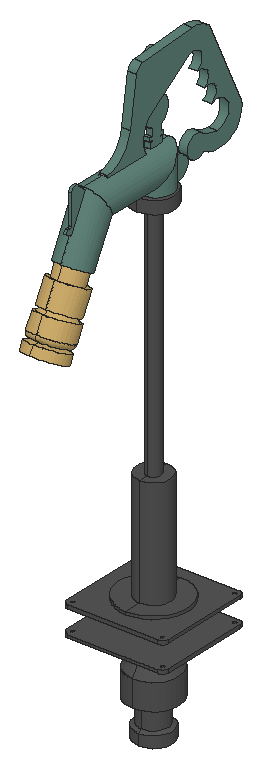
Revit family "Roof_Hydrant-Non_Freeze-Jay R.Smith-5907", category Plumbing Fixtures, Revit 2019
Family settings
  Round Connector Dimension = Use Diameter
  Part Type = Normal
  OmniClass Number = 23.65.70.11.11
  OmniClass Title = Fixtures for Liquids
  Work Plane-Based = No
  Always vertical = Yes
  Cut with Voids When Loaded = No
  Shared = No
  Room Calculation Point = No
Parameters (values of type "5907")
  Waste Connection = yes
  Vent Connection = no
  URL = "http://www.jrsmith.com"
  Product URL = "http://www.jrsmith.com/products/hyd/hydrants_5906.htm"
  Product Page URL = "https://www.jrsmith.com/roof-hydrant-5906"
  Product Documentation Link = "https://www.jrsmith.com/uploads/fileLibrary/d5906.pdf"
  Model = "5907"
  Material = Metal-Jay R. Smith-Galvanized Iron
  Manufacturer = "J.R. Smith"
  Height from Metal Deck (Min. 17" - Max. 43") = 43"
  Height = 53 1/2"
  HW Connection = no
  Description = "Roof Hydrant, non-freeze roof hydrant with galvanized casing and adjustable flow whieel lock handle with deck flange and under deck clamp. "
  Connection Size = 3/4"
  CW Connection = yes
  Base Thickness = 2"
  3/4" Hose Connection = 3/4"
  1/8" NPT Drain Hole = 1/8"
Reference planes (in)
  plane 1 "Center (Front/Back)": y = 0
  plane 2: z = 0
  plane 3 "Center (Left/Right)": x = 0
  plane 4: through (0, 0, 48) normal (-0.7071, -0.7071, 0)
  plane 5: through (0, 0, 48) normal (-0.7071, 0.7071, 0)
  plane 6: z = 43
  plane 7: y = 3.8925
  plane 8: y = -3.8925
  plane 9: z = 10
  plane 10: z = -2
  plane 11: z = -10.5
Forms (in)
  Revolve 1, solid, material "Metal-Jay R. Smith-Galvanized Iron" <- "Material"
    sketch origin (0, 0, 0) x (0, -1, 0) y (0, 0, 1)
      loop
        line (0, -10.5) -> (0, 32.11341) -> (-1.81643, 32.11341) -> (-1.81643, 31.01655) -> (-0.60888, 31.01655) -> (-0.60888, 10) -> (-1.47646, 10) -> (-1.47646, 0.5198) -> (-2.97783, 0.5198) -> (-2.97783, 0.2698) -> (-1.23388, 0.2698) -> (-1.23388, -3.50804) -> (-1.67936, -3.731) -> (-1.67936, -4.19359) -> (-2.22783, -5.05028) -> (-2.22783, -7.31253) -> (-1.26815, -7.82643) -> (-1.26815, -9.33451) -> (-1.61082, -9.54011) -> (-1.61082, -10.5) -> (0, -10.5)
      axis (0, 32.11341) -> (0, -10.5)
    angle from 0 to 360
  Extrusion 2, solid, material "Metal-Jay R. Smith-Galvanized Iron"
    sketch origin (0, 0, 0.2698) x (1, 0, 0) y (0, 1, 0)
      loop
        arc (-3.89025, 4.39025) -> (-4.2438, 4.2438) -> (-4.39025, 3.89025) r 0.5
        line (-4.39025, 3.89025) -> (-4.39025, -3.89025)
        arc (-4.39025, -3.89025) -> (-4.2438, -4.2438) -> (-3.89025, -4.39025) r 0.5
        line (-3.89025, -4.39025) -> (3.89025, -4.39025)
        arc (3.89025, -4.39025) -> (4.2438, -4.2438) -> (4.39025, -3.89025) r 0.5
        line (4.39025, -3.89025) -> (4.39025, 3.89025)
        arc (4.39025, 3.89025) -> (4.2438, 4.2438) -> (3.89025, 4.39025) r 0.5
        line (3.89025, 4.39025) -> (-3.89025, 4.39025)
      loop
        circle (-3.8925, 3.8925) r 0.125
      loop
        circle (3.8925, 3.8925) r 0.125
      loop
        circle (-3.8925, -3.8925) r 0.125
      loop
        circle (3.8925, -3.8925) r 0.125
    from 0 to -0.2698
  Extrusion 3, solid, material "Metal-Jay R. Smith-Galvanized Iron"
    sketch origin (0, 0, -2) x (1, 0, 0) y (0, 1, 0)
      loop
        arc (-3.89025, 4.39025) -> (-4.2438, 4.2438) -> (-4.39025, 3.89025) r 0.5
        line (-4.39025, 3.89025) -> (-4.39025, -3.89025)
        arc (-4.39025, -3.89025) -> (-4.2438, -4.2438) -> (-3.89025, -4.39025) r 0.5
        line (-3.89025, -4.39025) -> (3.89025, -4.39025)
        arc (3.89025, -4.39025) -> (4.2438, -4.2438) -> (4.39025, -3.89025) r 0.5
        line (4.39025, -3.89025) -> (4.39025, 3.89025)
        arc (4.39025, 3.89025) -> (4.2438, 4.2438) -> (3.89025, 4.39025) r 0.5
        line (3.89025, 4.39025) -> (-3.89025, 4.39025)
      loop
        circle (-3.8925, 3.8925) r 0.125
      loop
        circle (3.8925, 3.8925) r 0.125
      loop
        circle (-3.8925, -3.8925) r 0.125
      loop
        circle (3.8925, -3.8925) r 0.125
    from 0 to -0.2698
  Extrusion 4, solid, material "Metal-Jay R. Smith-Galvanized Iron" <- "Material"
    sketch origin (0, 0, 0) x (0, 1, 0) y (0, 0, 1)
      loop
        circle (0, -6.24173) r 0.0625
    from -2.2642 to 0.36575
Cuts and joins
  joined: Revolve 1, Extrusion 4
Dimensions and locks (in)
  locked: plane 9 to plane 2 at 10
  "Height from Metal Deck (Min. 17" - Max. 43")": plane 6 to plane 2
  "Base Thickness": plane 2 to plane 10
  "Height": plane 6 to plane 11
  plane 6 to Revolve 1 sketch curve to Revolve 1 sketch curve = 10.88659" locked, 1.09686" locked
  Revolve 1 sketch curve to Revolve 1 sketch curve to plane 2 = 1/4" locked, 0.2698" locked
  aligned and locked: plane 9 to Revolve 1 sketch curve
  aligned and locked: plane 6 to nested 1
  aligned and locked: plane 1 "Center (Front/Back)" to nested 1
  aligned and locked: plane 3 "Center (Left/Right)" to nested 1
Automatic sketch dimensions
  plane 5 to Extrusion 2 sketch curve = 0"  (x3)
  plane 8 to Extrusion 2 sketch curve = 0"  (x2)
  Extrusion 2 sketch curve to plane 4 = 0"  (x2)
  Extrusion 2 sketch curve to plane 7 = 0"  (x2)
  plane 4 to Extrusion 2 sketch curve = 0"  (x2)
  Extrusion 2 sketch curve to plane 7 = 0.00225"
  Extrusion 2 sketch curve to Extrusion 2 sketch curve = 0.49775"
  Extrusion 2 sketch curve to plane 8 = 0.00225"
  Extrusion 2 sketch curve to Extrusion 2 sketch curve = 0.00225"  (x2)
  plane 5 to Extrusion 3 sketch curve = 0"  (x3)
  plane 8 to Extrusion 3 sketch curve = 0"  (x2)
  Extrusion 3 sketch curve to plane 4 = 0"  (x2)
  Extrusion 3 sketch curve to plane 7 = 0"  (x2)
  plane 4 to Extrusion 3 sketch curve = 0"  (x2)
  Extrusion 3 sketch curve to plane 7 = 0.00225"
  Extrusion 3 sketch curve to Extrusion 3 sketch curve = 0.49775"
  Extrusion 3 sketch curve to plane 8 = 0.00225"
  Extrusion 3 sketch curve to Extrusion 3 sketch curve = 0.00225"  (x2)
  Revolve 1 sketch curve to plane 11 = 0"
  Revolve 1 sketch curve to plane 1 "Center (Front/Back)" = 0"  (x2)
  Revolve 1 sketch curve to plane 1 "Center (Front/Back)" = 0.60888"
  Revolve 1 sketch curve to plane 1 "Center (Front/Back)" = 1.23388"
  Revolve 1 sketch curve to plane 1 "Center (Front/Back)" = 1.26815"
  Revolve 1 sketch curve to Revolve 1 sketch curve = 0.34267"
  Revolve 1 sketch curve to Revolve 1 sketch curve = 0.44548"
  Revolve 1 sketch curve to Revolve 1 sketch curve = 1.20755"
  Revolve 1 sketch curve to Revolve 1 sketch curve = 0.95969"
  Revolve 1 sketch curve to Revolve 1 sketch curve = 0.24259"
  Revolve 1 sketch curve to Revolve 1 sketch curve = 1.50137"
  plane 11 to Revolve 1 sketch curve = 0.95989"
  Revolve 1 sketch curve to Revolve 1 sketch curve = 0.2056"
  Revolve 1 sketch curve to Revolve 1 sketch curve = 1.50807"
  Revolve 1 sketch curve to Revolve 1 sketch curve = 0.51391"
  Revolve 1 sketch curve to Revolve 1 sketch curve = 2.26225"
  Revolve 1 sketch curve to Revolve 1 sketch curve = 0.85669"
  Revolve 1 sketch curve to Revolve 1 sketch curve = 0.46259"
  Revolve 1 sketch curve to Revolve 1 sketch curve = 0.22295"
  Revolve 1 sketch curve to plane 11 = 0.06853"
  Revolve 1 sketch curve to Revolve 1 sketch curve = 1"
  Extrusion 4 sketch curve to plane 1 "Center (Front/Back)" = 0"
  Extrusion 4 sketch curve to plane 10 = 4.24173"
  radius of Extrusion 2 sketch curve = 1/8"  (x4)
  radius of Extrusion 3 sketch curve = 1/8"  (x4)
  radius of Extrusion 4 sketch curve = 1/16"
Nested families (in)
  nested 1: "5907 Top" at (0, 0, 43), type "Top"
Connectors (in)
  piping at (-2.2642, 0, -6.24173), diameter 0.125, driven by "1/8" NPT Drain Hole"
    settings: on cut or joined group of Revolve 1, Extrusion 4, index 1, connector inside diameter 24", connector length 0", flow factor 0, pipe flow 0 GPM, pressure drop 0.00 psi, fitting loss kfactor 0, connector angle 0.00°, fixture units 0, engagement length 0", angle of deflection 0.00°, flow configuration 0, flow direction 2, fitting loss method 0, system type 16, joint type 0, gender type 0, connector reference index -1, connector utility 0, adjustable connector no, is connector primary yes, connector description "1/8\" NPT Drain Hole"
  piping at (0, 0, -10.5), diameter 0.75, driven by "Connection Size"
    settings: on cut or joined group of Revolve 1, Extrusion 4, index 2, connector inside diameter 24", connector length 0", flow factor 0, pipe flow 0 GPM, pressure drop 0.00 psi, fitting loss kfactor 0, connector angle 0.00°, fixture units 0, engagement length 0", angle of deflection 0.00°, flow configuration 0, flow direction 1, fitting loss method 0, system type 20, joint type 0, gender type 0, connector reference index -1, connector utility 0, adjustable connector no, is connector primary no, connector description "3/4\" Water Inlet"
  piping at (0, -11.78538, 24.05442), diameter 0.75, driven by "3/4" Hose Connection"
    settings: on nested 1, index 3, connector inside diameter 24", connector length 0", flow factor 0, pipe flow 0 GPM, pressure drop 0.00 psi, fitting loss kfactor 0, connector angle 0.00°, fixture units 0, engagement length 0", angle of deflection 0.00°, flow configuration 0, flow direction 2, fitting loss method 0, system type 20, joint type 0, gender type 0, connector reference index -1, connector utility 0, adjustable connector no, is connector primary no, connector description "3/4\" Hose Connection Outlet"
Definition of nested family "5907 Top"
  Parameters (values of type "Top")
    Waste Connection = no
    Vent Connection = no
    URL = "http://www.jrsmith.com"
    Product URL = "http://www.jrsmith.com/products/hyd/hydrants_5906.htm"
    Product Page URL = "https://www.jrsmith.com/roof-hydrant-5906"
    Product Documentation Link = "https://www.jrsmith.com/uploads/fileLibrary/d5906.pdf"
    Model = "5906"
    Material = none
    Manufacturer = "J.R. Smith"
    Height = 53 1/2"
    HW Connection = no
    Description = "Roof Hydrant, non-freeze roof hydrant with galvanized casing and adjustable flow whieel lock handle with deck flange and under deck clamp. "
    CW Connection = yes
  Reference planes (in)
    plane 1 "Center (Front/Back)": y = 0
    plane 2: z = 0
    plane 3 "Center (Left/Right)": x = 0
    plane 4: through (0, 0, 48) normal (-0.7071, -0.7071, 0)
    plane 5: through (0, 0, 48) normal (-0.7071, 0.7071, 0)
    plane 6: z = -2.39079
    plane 7: through (-180.375, 0.77458, -2.39079) normal (0, -0.7071, 0.7071)
    plane 8: z = 0
    plane 9: x = 0
  Forms (in)
    Sweep 1, solid, material <- "Material"
      path origin (0, 0, -53.35401) x (0, -1, 0) y (0, 0, 1)
        loop
          line (-1.66222, 42.46218) -> (-1.66222, 45.78672) -> (7.52694, 45.78672) -> (10.07658, 40.91984)
      profile origin (0, -2.93236, -7.56728) x (0, 0, 1) y (-1, 0, 0)
        loop
          circle (-1.50797, 0) r 1.5
    Extrusion 2, solid, material <- "Material"
      sketch origin (0.125, 0, -53.35401) x (0, -1, 0) y (0, 0, 1)
        loop
          line (6.6539, 44.69463) -> (7.94539, 42.11214) -> (9.56237, 43.01046) -> (9.39098, 43.31897) -> (9.12653, 43.25476) -> (9.01409, 43.40453) -> (9.01409, 46.02659)
          arc (9.01409, 46.02659) -> (8.69692, 46.36153) -> (8.24236, 46.28309) r 0.48846
          line (8.24236, 46.28309) -> (6.6539, 44.69463)
      from 0 to 0.25
    Extrusion 3, solid, material <- "Material"
      sketch origin (0.375, 0, -53.35401) x (0, -1, 0) y (0, 0, 1)
        loop
          arc (5.38104, 45.82089) -> (3.77305, 46.67176) -> (2.92217, 48.27976) r 3.091
          line (2.92217, 48.27976) -> (2.2851, 52.35776)
          arc (2.2851, 52.35776) -> (2.05043, 52.79528) -> (1.59387, 52.99035) r 0.75
          line (1.59387, 52.99035) -> (-3.79427, 53.34877)
          arc (-3.79427, 53.34877) -> (-4.7029, 53.23214) -> (-5.49978, 52.78027) r 2.37487
          line (-5.49978, 52.78027) -> (-8.97682, 45.46136)
          arc (-8.97682, 45.46136) -> (-8.66927, 43.74059) -> (-7.19789, 42.79683) r 2.18358
          arc (-7.19789, 42.79683) -> (-6.02441, 42.81998) -> (-4.93277, 43.25117) r 3.31021
          arc (-4.93277, 43.25117) -> (-3.23004, 43.93318) -> (-4.93277, 44.61519) r 0.98795
          arc (-4.93277, 44.61519) -> (-5.6664, 44.31746) -> (-6.4443, 44.17011) r 3.99903
          arc (-6.4443, 44.17011) -> (-7.67367, 45.67041) -> (-5.96098, 46.58088) r 1.25384
          line (-5.96098, 46.58088) -> (-5.81923, 46.56598)
          arc (-5.81923, 46.56598) -> (-6.26484, 47.69055) -> (-5.12565, 48.09732) r 0.84104
          arc (-5.12565, 48.09732) -> (-5.38531, 49.24103) -> (-4.31845, 49.72818) r 0.92932
          arc (-4.31845, 49.72818) -> (-4.66509, 51.01049) -> (-3.39638, 51.40403) r 0.95703
          line (-3.39638, 51.40403) -> (0.58266, 48.81891)
          arc (0.58266, 48.81891) -> (1.5482, 47.46792) -> (1.33668, 45.82089) r 2.2719
          line (1.33668, 45.82089) -> (0.77489, 44.38136) -> (6.29717, 44.38136) -> (5.38104, 45.82089)
        loop
          line (-1.81643, 42.22211) -> (0, 42.22211) -> (0, 44.39645) -> (-1.64509, 44.39645) -> (-1.92863, 44.11291)
          arc (-1.92863, 44.11291) -> (-3.21167, 43.08804) -> (-1.81643, 42.22211) r 1.00505
      from 0 to 0.75
    Extrusion 4, solid, material <- "Material"
      sketch origin (0, 0, -53.35401) x (0, -1, 0) y (0, 0, 1)
        loop
          line (0, 45.79109) -> (0.62192, 45.79109) -> (0.62192, 46.24926) -> (0.39877, 46.24926) -> (0.39877, 46.41597) -> (0.72011, 46.41597) -> (0.72011, 46.70161) -> (0.42839, 46.70161) -> (0.42839, 47.31839)
          arc (0.42839, 47.31839) -> (1.24061, 48.72033) -> (0, 49.76245) r 1.25958
          arc (0, 49.76245) -> (-1.24061, 48.72033) -> (-0.42839, 47.31839) r 1.25958
          line (-0.42839, 47.31839) -> (-0.42839, 46.70161) -> (-0.72011, 46.70161) -> (-0.72011, 46.41597) -> (-0.39877, 46.41597) -> (-0.39877, 46.24926) -> (-0.62192, 46.24926) -> (-0.62192, 45.79109) -> (0, 45.79109)
      from 0 to 0.25
    Extrusion 5, solid, material <- "Material"
      sketch origin (0, 0, -53.35401) x (0, -1, 0) y (0, 0, -1)
        loop
          line (0, -45.79109) -> (-0.62192, -45.79109) -> (-0.62192, -46.24926) -> (-0.39877, -46.24926) -> (-0.39877, -46.41597) -> (-0.72011, -46.41597) -> (-0.72011, -46.70161) -> (-0.42839, -46.70161) -> (-0.42839, -47.31839)
          arc (-0.42839, -47.31839) -> (-1.24061, -48.72033) -> (0, -49.76245) r 1.25958
          arc (0, -49.76245) -> (1.24061, -48.72033) -> (0.42839, -47.31839) r 1.25958
          line (0.42839, -47.31839) -> (0.42839, -46.70161) -> (0.72011, -46.70161) -> (0.72011, -46.41597) -> (0.39877, -46.41597) -> (0.39877, -46.24926) -> (0.62192, -46.24926) -> (0.62192, -45.79109) -> (0, -45.79109)
      from 0 to 0.25
    Extrusion 6, solid, material <- "Material"
      sketch origin (-0.375, 0, -53.35401) x (0, -1, 0) y (0, 0, 1)
        loop
          arc (-1.71372, 52.50424) -> (-2.24671, 52.32372) -> (-2.52611, 51.83526) r 0.7938
          arc (-2.52611, 51.83526) -> (-2.44168, 51.46867) -> (-2.41621, 51.09335) r 2.3738
          arc (-2.41621, 51.09335) -> (-2.6483, 50.76278) -> (-2.74185, 50.36986) r 1.07386
          arc (-2.74185, 50.36986) -> (-2.51584, 49.82594) -> (-1.97091, 49.60238) r 0.76749
          arc (-1.97091, 49.60238) -> (-1.72786, 49.52761) -> (-1.57655, 49.32324) r 0.40722
          arc (-1.57655, 49.32324) -> (-1.21434, 48.96608) -> (-0.71129, 48.8906) r 0.82165
          arc (-0.71129, 48.8906) -> (-0.53784, 48.93922) -> (-0.37876, 49.02371) r 0.83958
          arc (-0.37876, 49.02371) -> (-0.1567, 49.29344) -> (0.16908, 49.41967) r 0.68939
          arc (0.16908, 49.41967) -> (0.36274, 49.43199) -> (0.5434, 49.50286) r 0.62791
          arc (0.5434, 49.50286) -> (0.87501, 49.77662) -> (0.94236, 50.20132) r 0.6076
          arc (0.94236, 50.20132) -> (0.92583, 50.64368) -> (1.05527, 51.06699) r 1.33103
          arc (1.05527, 51.06699) -> (1.10492, 51.60122) -> (0.78037, 52.02846) r 0.73965
          arc (0.78037, 52.02846) -> (0.38855, 52.16489) -> (0.1126, 52.47472) r 0.82537
          arc (0.1126, 52.47472) -> (-0.38536, 52.88382) -> (-1.02427, 52.79947) r 0.80932
          arc (-1.02427, 52.79947) -> (-1.33596, 52.57471) -> (-1.71372, 52.50424) r 0.87973
        loop
          line (-0.99391, 52.36717) -> (-0.77458, 50.96321) -> (-0.14933, 52.21995)
          arc (-0.14933, 52.21995) -> (-0.54989, 52.4182) -> (-0.99391, 52.36717) r 0.7894
        loop
          arc (-1.33766, 49.65701) -> (-0.9211, 49.49505) -> (-0.48336, 49.58524) r 0.7894
          line (-0.48336, 49.58524) -> (-0.76947, 50.95946) -> (-1.33766, 49.65701)
        loop
          line (0.35654, 51.85728) -> (-0.75447, 50.97135) -> (0.64697, 51.05066)
          arc (0.64697, 51.05066) -> (0.6208, 51.49684) -> (0.35654, 51.85728) r 0.7894
        loop
          arc (0.18366, 49.88895) -> (0.50649, 50.19803) -> (0.60975, 50.63288) r 0.7894
          line (0.60975, 50.63288) -> (-0.75663, 50.95434) -> (0.18366, 49.88895)
        loop
          arc (-1.72195, 52.02992) -> (-2.04478, 51.72083) -> (-2.14804, 51.28599) r 0.7894
          line (-2.14804, 51.28599) -> (-0.78166, 50.96452) -> (-1.72195, 52.02992)
        loop
          line (-1.89597, 50.06442) -> (-0.78496, 50.95035) -> (-2.1864, 50.87104)
          arc (-2.1864, 50.87104) -> (-2.16023, 50.42487) -> (-1.89597, 50.06442) r 0.7894
      from 0 to 0.5
    Revolve 7, solid
      sketch origin (0, 0, 0) x (0, 1, 0) y (0, 0, 1)
        loop
          line (-9.84807, -12.55387) -> (-10.37705, -13.56362) -> (-10.74295, -13.37194) -> (-11.70716, -15.21249) -> (-11.35323, -15.40975) -> (-11.79378, -15.61518) -> (-11.97955, -15.51165) -> (-12.6908, -16.7878)
          arc (-12.6908, -16.7878) -> (-12.71996, -17.11135) -> (-12.51178, -17.36075) r 0.42446
          line (-12.51178, -17.36075) -> (-12.10566, -17.57352) -> (-12.9792, -17.41949) -> (-13.34944, -18.12621) -> (-11.78538, -18.94558) -> (-8.74081, -13.13394) -> (-9.84807, -12.55387)
        axis (-8.74081, -13.13394) -> (-11.78538, -18.94558)
      angle from 0 to 360
  Cuts and joins
    joined: Sweep 1, Extrusion 2, Extrusion 3, Extrusion 4, Extrusion 5, Extrusion 6
